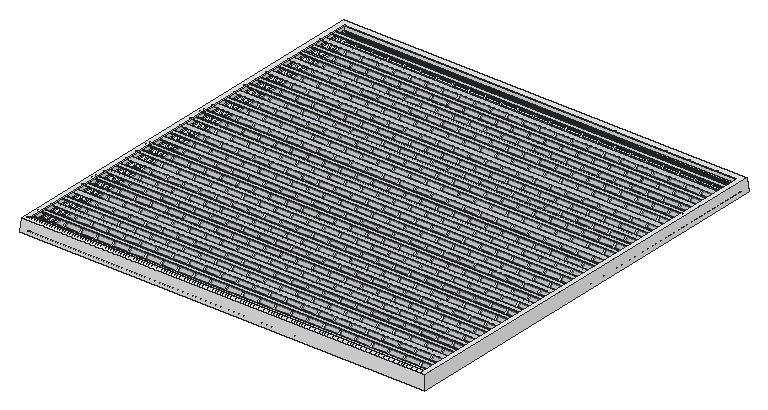
Revit family "NLRS_00_AIR_Muurrooster_ST-431-RC2_Storax", category Air Terminals, host Face, Revit 2023 (continued)
Definition of nested family "GEO_louvre_renson ST-033-07b"
  Definition of nested family "GM_lamel top ST-033.07_RC2_with void"
    Forms (mm)
      Extrusion 19, void
        from -20.4 to -8.619
      Extrusion 20, void
        sketch origin (745, 0, 0) x (1, 0, 0) y (0, 1, 0)
          loop
            line (-418, -17.335) -> (-418, -28.093) -> (-382, -28.093) -> (-382, -17.335) -> (-418, -17.335)
        from -20.4 to -8.619
      Extrusion 21, void
        sketch origin (785, 0, 0) x (1, 0, 0) y (0, 1, 0)
          loop
            line (-418, -17.335) -> (-418, -28.093) -> (-382, -28.093) -> (-382, -17.335) -> (-418, -17.335)
        from -20.4 to -8.619
    Cuts and joins
      Extrusion 2, Extrusion 3, Extrusion 4, Extrusion 5, Extrusion 6, Extrusion 7, Extrusion 8, Extrusion 9, Extrusion 10, Extrusion 11, Extrusion 12, Extrusion 13, Extrusion 14, Extrusion 15, Extrusion 16, Extrusion 17, Extrusion 18, Extrusion 19, Extrusion 20, Extrusion 21 cuts Sweep 1
    Dimensions and locks
      equal spacing: plane 4, plane 3 "Center (Left/Right)", plane 5
      "Length lamel ST431RC2": plane 4 to plane 5
      "Offset void": plane 6 to plane 3 "Center (Left/Right)"
      locked: plane 6 to plane 7 at 36
      locked: plane 7 to plane 8 at 4
      plane 1 "Center (Front/Back)" to Extrusion 2 = 17.335 mm
      equal spacing: group 1, group 2, group 3, group 4, group 5, group 6, group 7, group 8, group 9, group 10, group 11, group 12, group 13, group 14, group 15, group 16, group 17, group 18, group 19, group 20  (x3)
      aligned and locked: level to plane 2
      aligned and locked: plane 4 to Sweep 1 sketch curve
      aligned and locked: plane 5 to Sweep 1 sketch curve
      aligned and locked: plane 1 "Center (Front/Back)" to Sweep 1 sketch curve
      aligned and locked: plane 7 to Extrusion 2
      aligned and locked: Extrusion 3 to plane 8
    Automatic sketch dimensions
      Extrusion 2 sketch curve to Extrusion 2 sketch curve = 36 mm
      Extrusion 2 sketch curve to Extrusion 2 sketch curve = 10.757 mm
      Extrusion 3 sketch curve to Extrusion 3 sketch curve = 36 mm
      Extrusion 3 sketch curve to Extrusion 3 sketch curve = 10.757 mm
      Extrusion 4 sketch curve to Extrusion 4 sketch curve = 36 mm
      Extrusion 4 sketch curve to Extrusion 4 sketch curve = 10.757 mm
      Extrusion 5 sketch curve to Extrusion 5 sketch curve = 36 mm
      Extrusion 5 sketch curve to Extrusion 5 sketch curve = 10.757 mm
      Extrusion 6 sketch curve to Extrusion 6 sketch curve = 36 mm
      Extrusion 6 sketch curve to Extrusion 6 sketch curve = 10.757 mm
      Extrusion 7 sketch curve to Extrusion 7 sketch curve = 36 mm
      Extrusion 7 sketch curve to Extrusion 7 sketch curve = 10.757 mm
      Extrusion 8 sketch curve to Extrusion 8 sketch curve = 36 mm
      Extrusion 8 sketch curve to Extrusion 8 sketch curve = 10.757 mm
      Extrusion 9 sketch curve to Extrusion 9 sketch curve = 36 mm
      Extrusion 9 sketch curve to Extrusion 9 sketch curve = 10.757 mm
      Extrusion 10 sketch curve to Extrusion 10 sketch curve = 36 mm
      Extrusion 10 sketch curve to Extrusion 10 sketch curve = 10.757 mm
      Extrusion 11 sketch curve to Extrusion 11 sketch curve = 36 mm
      Extrusion 11 sketch curve to Extrusion 11 sketch curve = 10.757 mm
      Extrusion 12 sketch curve to Extrusion 12 sketch curve = 36 mm
      Extrusion 12 sketch curve to Extrusion 12 sketch curve = 10.757 mm
      Extrusion 13 sketch curve to Extrusion 13 sketch curve = 36 mm
      Extrusion 13 sketch curve to Extrusion 13 sketch curve = 10.757 mm
      Extrusion 14 sketch curve to Extrusion 14 sketch curve = 36 mm
      Extrusion 14 sketch curve to Extrusion 14 sketch curve = 10.757 mm
      Extrusion 15 sketch curve to Extrusion 15 sketch curve = 36 mm
      Extrusion 15 sketch curve to Extrusion 15 sketch curve = 10.757 mm
      Extrusion 16 sketch curve to Extrusion 16 sketch curve = 36 mm
      Extrusion 16 sketch curve to Extrusion 16 sketch curve = 10.757 mm
      Extrusion 17 sketch curve to Extrusion 17 sketch curve = 36 mm
      Extrusion 17 sketch curve to Extrusion 17 sketch curve = 10.757 mm
      Extrusion 18 sketch curve to Extrusion 18 sketch curve = 36 mm
      Extrusion 18 sketch curve to Extrusion 18 sketch curve = 10.757 mm
      Extrusion 19 sketch curve to Extrusion 19 sketch curve = 36 mm
      Extrusion 19 sketch curve to Extrusion 19 sketch curve = 10.757 mm
      Extrusion 20 sketch curve to Extrusion 20 sketch curve = 36 mm
      Extrusion 20 sketch curve to Extrusion 20 sketch curve = 10.757 mm
      Extrusion 21 sketch curve to Extrusion 21 sketch curve = 36 mm
      Extrusion 21 sketch curve to Extrusion 21 sketch curve = 10.757 mm
Definition of nested family "NLRS_00_GM_Gaas_Storax"
  Parameters (values of type "Leeg")
    Width [instance] = 1011.1 mm
    Offset_Gaas_Top_Sides [instance] = 5.5 mm
    Offset_Gaas_Bottom [instance] = 5.5 mm
    Muis/vogelwerend (6x6mm) = no
    Muis/vogelwerend (10x10mm) = no
    Insectengaas (2,3x2,3mm) = no
    Height [instance] = 1011.1 mm
    Type Comments = ""
    Default Elevation = 1219.2 mm
  Types (4, lengths in mm): name | Width | Offset_Gaas_Top_Sides | Muis/vogelwerend (6x6mm) | Muis/vogelwerend (10x10mm) | Insectengaas (2,3x2,3mm) | Height
    Insectengaas 2.3x2.3mm | 1011.1 | 5.5 | no | no | yes | 1011.1
    Muis/Vogelwerend 10x10mm | 1600 | 5.5 | no | yes | no | 1600
    Muis/vogelwerend 6x6mm | 1800 | 10 | yes | no | no | 1800
    Leeg | 1011.1 | 5.5 | no | no | no | 1011.1
  Reference planes
    plane 1 "Center (Front/Back)": y = 0
    plane 2 "Bottom": z = 0
    plane 3 "Left": x = 0
    plane 4 "Right": x = 1011.1
    plane 5: x = 505.55
    plane 6: z = 23.971
    plane 7: z = 23.971
    plane 8: z = 23.971
    plane 9: x = 5.5
    plane 10: x = 1005.6
    plane 11: z = 1011.1
    plane 12: z = 1005.6
    plane 13: z = 5.5
    plane 14: z = 505.55
  Forms (mm)
    Extrusion 1, solid, visible <- "Insectengaas (2,3x2,3mm)"
      sketch origin (0, 0, 0) x (1, 0, 0) y (0, 1, 0)
        loop
          line (5.5, -28.5) -> (5.5, -29.3) -> (1005.6, -29.3) -> (1005.6, -28.5) -> (5.5, -28.5)
      from 5.5 to 1005.6
    Extrusion 2, solid, visible <- "Muis/vogelwerend (10x10mm)"
      sketch origin (0, 0, 0) x (1, 0, 0) y (0, 1, 0)
        loop
          line (5.5, -28.5) -> (5.5, -29.3) -> (1005.6, -29.3) -> (1005.6, -28.5) -> (5.5, -28.5)
      from 5.5 to 1005.6
    Extrusion 3, solid, visible <- "Muis/vogelwerend (6x6mm)"
      sketch origin (0, 0, 0) x (1, 0, 0) y (0, 1, 0)
        loop
          line (5.5, -28.5) -> (5.5, -29.3) -> (1005.6, -29.3) -> (1005.6, -28.5) -> (5.5, -28.5)
      from 5.5 to 1005.6
  Dimensions and locks
    "Width": plane 4 "Right" to plane 3 "Left"
    equal spacing: plane 3 "Left", plane 5, plane 4 "Right"
    plane 4 "Right" to plane 3 "Left" = 1011.1 mm
    plane 3 "Left" to plane 9 = 5.5 mm
    plane 10 to plane 4 "Right" = 5.5 mm
    "Offset_Gaas_Top_Sides": plane 10 to plane 4 "Right"
    "Offset_Gaas_Top_Sides": plane 9 to plane 3 "Left"
    "Offset_Gaas_Top_Sides": plane 12 to plane 11
    "Offset_Gaas_Bottom": plane 13 to level
    plane 3 "Left" to plane 4 "Right" = 1011.1 mm
    "Height": plane 11 to level
    equal spacing: plane 11, plane 14, level
    aligned and locked: plane 10 to Extrusion 1 sketch curve
    aligned and locked: Extrusion 1 to plane 9
    aligned and locked: Extrusion 1 to plane 10
    aligned and locked: Extrusion 3 to plane 12
    aligned and locked: Extrusion 1 to plane 12
    aligned and locked: Extrusion 2 to plane 12
    aligned and locked: Extrusion 3 to plane 13
    aligned and locked: Extrusion 2 to plane 13
    aligned and locked: Extrusion 1 to plane 13
  Automatic sketch dimensions
    plane 1 "Center (Front/Back)" to Extrusion 1 sketch curve = 29.3 mm
    Extrusion 1 sketch curve to Extrusion 1 sketch curve = 0.8 mm
    plane 9 to Extrusion 1 sketch curve = 0 mm
    Extrusion 2 sketch curve to plane 9 = 0 mm
    Extrusion 2 sketch curve to plane 10 = 0 mm
    plane 1 "Center (Front/Back)" to Extrusion 2 sketch curve = 29.3 mm
    Extrusion 2 sketch curve to Extrusion 2 sketch curve = 0.8 mm
    Extrusion 3 sketch curve to plane 9 = 0 mm
    Extrusion 3 sketch curve to plane 10 = 0 mm
    plane 1 "Center (Front/Back)" to Extrusion 3 sketch curve = 29.3 mm
    Extrusion 3 sketch curve to Extrusion 3 sketch curve = 0.8 mm
  Nested families
    nested 1: "NLRS_00_GM_P-02015" at (600, -23.5, -9.315), type "Type 1", not visible
      with Width 1788.9 mm, Length 500 mm
    nested 2: "NLRS_00_GM_P-02016" at (600, -23.5, -9.315), type "Type 1", not visible
      with Width 1788.9 mm, Length 500 mm
    nested 3: "NLRS_00_GM_P-02016" at (900, -23.5, -9.315), type "Type 1", not visible
      with Width 1800 mm, Length 500 mm
  Definition of nested family "NLRS_00_GM_P-02015"
    Parameters (values of type "Type 1")
      Width [instance] = 900 mm
      Material and Finish = none
      Length [instance] = 500 mm
      Default Elevation = 0 mm
      Connector width = 232.51 mm
    Reference planes
      plane 1 "Center (Front/Back)": y = 0
      plane 2: z = 0
      plane 3 "Center (Left/Right)": x = 0
      plane 4: x = -450
      plane 5: x = 450
    Forms (mm)
      Sweep 1, solid
        path origin (0, 0, 0) x (1, 0, 0) y (0, 1, 0)
          loop
            line (450, 0) -> (-450, 0)
        profile "NLRS_00_PRF_P-02015 : NLRS_00_PRF_P-02015" origin (0, 0, 0) x (0, -1, 0) y (0, 0, 1)
          loop
            arc (-1.872, 30.263) -> (-1.366, 32.09) -> (-1.057, 33.961) r 17.9
            arc (-1.057, 33.961) -> (-0.275, 34.336) -> (0, 35.159) r 1.112
            line (0, 35.159) -> (0, 36.005)
            arc (0, 36.005) -> (-0.329, 36.747) -> (-1.1, 37) r 1
            line (-1.1, 37) -> (-1.1, 35.127) -> (-2.067, 35.127)
            arc (-2.067, 35.127) -> (-2.521, 31.978) -> (-3.561, 28.971) r 16.8
            arc (-3.561, 28.971) -> (-3.358, 28.683) -> (-3.087, 28.909) r 0.24
            arc (-3.087, 28.909) -> (-1.802, 29.095) -> (-1.1, 28.003) r 1.2
            line (-1.1, 28.003) -> (-1.1, 26.263)
            arc (-1.1, 26.263) -> (-1.22, 25.788) -> (-1.551, 25.427) r 1
            line (-1.551, 25.427) -> (-19.949, 13.333)
            arc (-19.949, 13.333) -> (-20.28, 12.972) -> (-20.4, 12.497) r 1
            line (-20.4, 12.497) -> (-20.4, 7.145) -> (-19.15, 7.145) -> (-19.15, 12.584) -> (-16.751, 13.947) -> (-16.751, 11.321)
            arc (-16.751, 11.321) -> (-15.216, 12.545) -> (-14.767, 14.456) r 3
            arc (-14.767, 14.456) -> (-14.629, 15.253) -> (-14.098, 15.862) r 1.5
            line (-14.098, 15.862) -> (-0.946, 24.508)
            arc (-0.946, 24.508) -> (-0.252, 25.266) -> (0, 26.263) r 2.1
            line (0, 26.263) -> (0, 28.003)
            arc (0, 28.003) -> (-0.529, 29.47) -> (-1.872, 30.263) r 2.3
    Dimensions and locks
      equal spacing: plane 5, plane 3 "Center (Left/Right)", plane 4
      "Width": plane 5 to plane 4
      aligned and locked: level to plane 2
      aligned and locked: plane 4 to Sweep 1 sketch curve
      aligned and locked: plane 5 to Sweep 1 sketch curve
    Automatic sketch dimensions
      plane 1 "Center (Front/Back)" to Sweep 1 sketch curve = 0 mm
  Definition of nested family "NLRS_00_GM_P-02016"
    Parameters (values of type "Type 1")
      Width [instance] = 900 mm
      Material and Finish = none
      Length [instance] = 500 mm
      Default Elevation = 0 mm
      Connector width = 232.51 mm
    Reference planes
      plane 1 "Center (Front/Back)": y = 0
      plane 2: z = 0
      plane 3 "Center (Left/Right)": x = 0
      plane 4: x = -450
      plane 5: x = 450
    Forms (mm)
      Sweep 1, solid
        path origin (0, 0, 0) x (1, 0, 0) y (0, 1, 0)
          loop
            line (450, 0) -> (-450, 0)
        profile "NLRS_00_PRF_P-02016 : NLRS_00_PRF_P-02016" origin (0, 0, 0) x (0, -1, 0) y (0, 0, 1)
          loop
            arc (-1.872, 30.263) -> (-1.366, 32.09) -> (-1.057, 33.961) r 17.9
            arc (-1.057, 33.961) -> (-0.275, 34.336) -> (0, 35.159) r 1.112
            line (0, 35.159) -> (0, 36.005)
            arc (0, 36.005) -> (-0.329, 36.747) -> (-1.1, 37) r 1
            line (-1.1, 37) -> (-1.1, 35.127) -> (-2.067, 35.127)
            arc (-2.067, 35.127) -> (-2.474, 32.178) -> (-3.395, 29.348) r 16.8
            arc (-3.395, 29.348) -> (-3.216, 28.913) -> (-2.784, 29.101) r 0.329
            arc (-2.784, 29.101) -> (-1.645, 29.008) -> (-1.1, 28.003) r 1.2
            line (-1.1, 28.003) -> (-1.1, 26.263)
            arc (-1.1, 26.263) -> (-1.22, 25.788) -> (-1.551, 25.427) r 1
            line (-1.551, 25.427) -> (-19.949, 13.333)
            arc (-19.949, 13.333) -> (-20.28, 12.972) -> (-20.4, 12.497) r 1
            line (-20.4, 12.497) -> (-20.4, -0.914) -> (-19.407, -1.488) -> (-19.407, -12.499) -> (-18.802, -11.894) -> (-18.033, -10.244)
            arc (-18.033, -10.244) -> (-17.965, -9.797) -> (-18.15, -9.385) r 0.8
            line (-18.15, -9.385) -> (-18.15, -1.289)
            arc (-18.15, -1.289) -> (-18.443, -0.582) -> (-19.15, -0.289) r 1
            line (-19.15, -0.289) -> (-19.15, 12.584) -> (-16.751, 13.947) -> (-16.751, 11.321)
            arc (-16.751, 11.321) -> (-15.216, 12.545) -> (-14.767, 14.456) r 3
            arc (-14.767, 14.456) -> (-14.629, 15.253) -> (-14.098, 15.862) r 1.5
            line (-14.098, 15.862) -> (-0.946, 24.508)
            arc (-0.946, 24.508) -> (-0.252, 25.266) -> (0, 26.263) r 2.1
            line (0, 26.263) -> (0, 28.003)
            arc (0, 28.003) -> (-0.529, 29.47) -> (-1.872, 30.263) r 2.3
    Dimensions and locks
      equal spacing: plane 5, plane 3 "Center (Left/Right)", plane 4
      "Width": plane 5 to plane 4
      aligned and locked: level to plane 2
      aligned and locked: plane 4 to Sweep 1 sketch curve
      aligned and locked: plane 5 to Sweep 1 sketch curve
    Automatic sketch dimensions
      plane 1 "Center (Front/Back)" to Sweep 1 sketch curve = 0 mm
